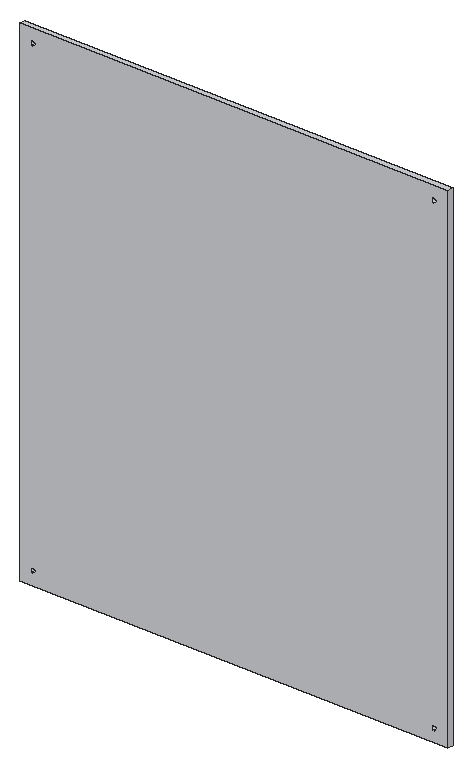
Revit family "AX6865P-600X700_0003", category Appareils sanitaires, Revit 2016
Family settings
  Hôte = Mur
  Type d'élément = Normal
  Cote de connecteur circulaire = Utiliser le diamètre
  Numéro OmniClass = 23.75.00.00
  Titre OmniClass = Climate Control (HVAC)
  Toujours verticalement = Oui
  Couper avec des vides une fois chargée = Non
  Partagée = Non
  Point de calcul de pièce = Non
Parameters (values of type "Type 1")
  URL = "https://www.axeuro.com/fr/miroirs-incassables-tout-en-inox/25478-miroir-ax6865p-600x700.html"
  Modèle = "AX6865P-600X700"  # constant formula
  Matériaux = "En inox 304 (18/10) Bactériostatique"  # constant formula
  Finition = "Poli Miroir HyperPolish"  # constant formula
  Fabricant = "Axeuro"  # constant formula
  Description = "Miroir incassable"  # constant formula
Reference planes
  plane 1 "Mur": y = 0
  plane 2 "Centre (gauche/droite)": x = 0
  plane 3 "Arrière": y = 75
Forms (mm)
  Extrusion 1, solid
    sketch origin (1820.616, 75, 1806.609) x (0, 0, 1) y (-1, 0, 0)
      loop
        line (214.008, 2120.616) -> (-485.992, 2120.616) -> (-485.992, 1520.616) -> (214.008, 1520.616) -> (214.008, 2120.616)
    from -8 to 0
  Extrusion 2, void
    sketch origin (2061.54, 75, 2001.616) x (0, 0, 1) y (-1, 0, 0)
      loop
        circle (0, 1780.54) r 3
    from -8 to 0
  Extrusion 3, void
    sketch origin (103, 75, 0) x (1, 0, 0) y (0, 0, 1)
      loop
        circle (178, 2001.616) r 5
    from -8 to -7.08
  Extrusion 4, void
    sketch origin (-2061.54, 75, 2001.616) x (0, 0, 1) y (-1, 0, 0)
      loop
        circle (0, -1780.54) r 3
    from -8 to 0
  Extrusion 5, void
    sketch origin (-103, 75, 0) x (-1, 0, 0) y (0, 0, -1)
      loop
        circle (178, -2001.616) r 5
    from -8 to -7.08
  Extrusion 6, void
    sketch origin (2061.54, 75, 1339.616) x (0, 0, -1) y (1, 0, 0)
      loop
        circle (0, -1780.54) r 3
    from -8 to 0
  Extrusion 7, void
    sketch origin (103, 75, 3341.233) x (1, 0, 0) y (0, 0, 1)
      loop
        circle (178, -2001.616) r 5
    from -8 to -7.08
  Extrusion 8, void
    sketch origin (-2061.54, 75, 1339.616) x (0, 0, -1) y (1, 0, 0)
      loop
        circle (0, 1780.54) r 3
    from -8 to 0
  Extrusion 9, void
    sketch origin (-103, 75, 3341.233) x (-1, 0, 0) y (0, 0, -1)
      loop
        circle (178, 2001.616) r 5
    from -8 to -7.08
Cuts and joins
  Extrusion 2, Extrusion 3, Extrusion 4, Extrusion 5, Extrusion 6, Extrusion 7, Extrusion 8, Extrusion 9 cuts Extrusion 1
Text (mm)
  text "Côté de la mise en place" at (-1820.995, 1116.779, 0), in view "Niveau de réf."
  text "Côté de la mise en place" at (0, 1334.055, 2976.191), in view "Gauche"
  text "Côté de la mise en place" at (0, 439.194, 2944.362), in view "Droite"
Dimensions and locks
  locked: plane 3 "Arrière" to host wall
  aligned and locked: plane 1 "Mur" to host wall
